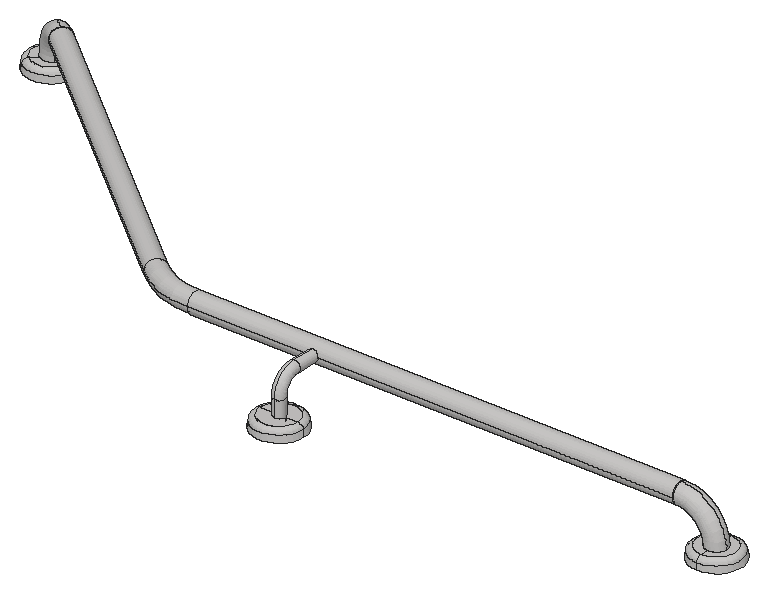
Revit family "8478477440 Virtu Comfort Grab Rail 870x700mm RH 140° Angled", category Plumbing Fixtures, host Face, Revit 2015
Parameters (values of type "Virtu Comfort Grab Rail 870x700mm RH 140° Angled")
  Waste Connection = no
  Vent Connection = no
  URL = "https://www.caroma.com.au/"
  Rail_Height = 73 mm
  Model = "8478477440"
  Material_Base = GWA_Metal-Stainless
  Manufacturer = "GWA Bathrooms & Kitchens"  # constant formula
  HW Connection = no
  Description = "Virtu Comfort Grab Rail 870x700mm RH 140° Angled"
  Default Elevation = 0 mm
  CreatedBy_ANZRS = "GWA Bathrooms & Kitchens"  # constant formula
  CW Connection = no
  Assembly Code = "C1030200"
Reference planes
  plane 1 "Center (Front/Back)": y = 0
  plane 2: z = 0
  plane 3 "Center (Left/Right)": x = 0
  plane 4 "Left": x = 0
  plane 5 "Rail_Centre": z = 73
  plane 6: through (-644.056, 321.45, 1219.2) normal (-0.766, 0.6428, 0)
  plane 7: x = 245
  plane 8: x = 870
Forms (mm)
  Revolve 1, solid, material "GWA_Metal-Stainless" <- "Material_Base"
    sketch origin (-536.231, 449.951, 0) x (0.642788, 0.766044, 0) y (0, 0, 1)
      loop
        line (17, 16.9) -> (29.753, 16.9)
        arc (29.753, 16.9) -> (34.704, 15) -> (37.112, 10.275) r 7.4
        line (37.112, 10.275) -> (38.194, 0) -> (39.3, 0) -> (38.206, 10.39)
        arc (38.206, 10.39) -> (35.44, 15.817) -> (29.753, 18) r 8.5
        line (29.753, 18) -> (17, 18) -> (17, 16.9)
      axis (0, 18) -> (0, 0)
    angle from 0 to 360
  Sweep 2, solid, material "GWA_Metal-Stainless" <- "Material_Base"
    path origin (612.836, -514.23, 0) x (0.766044, -0.642788, 0) y (0, 0, 1)
      loop
        line (-1500, 0) -> (-1500, 17)
        arc (-1500, 17) -> (-1483.598, 56.598) -> (-1444, 73) r 56
    profile origin (-536.231, 449.951, 8.5) x (-0.766044, 0.642788, 0) y (-0.642788, -0.766044, 0)
      loop
        circle (0, 0) r 16
  Revolve 3, solid, material "GWA_Metal-Stainless" <- "Material_Base"
    sketch origin (300, -80, 0) x (1, 0, 0) y (0, 0, 1)
      loop
        line (-55, 16.9) -> (-55, 18) -> (-84.753, 18)
        arc (-84.753, 18) -> (-90.44, 15.817) -> (-93.206, 10.39) r 8.5
        line (-93.206, 10.39) -> (-94.3, 0) -> (-93.194, 0) -> (-92.112, 10.275)
        arc (-92.112, 10.275) -> (-89.704, 15) -> (-84.753, 16.9) r 7.4
        line (-84.753, 16.9) -> (-55, 16.9)
      axis (-55, 18) -> (-55, 0)
    angle from 0 to 360
  Sweep 4, solid, material "GWA_Metal-Stainless" <- "Material_Base"
    path origin (245, 0, 0) x (0, 1, 0) y (0, 0, 1)
      loop
        line (-80, 0) -> (-80, 43)
        arc (-80, 43) -> (-71.213, 64.213) -> (-50, 73) r 30
        line (-50, 73) -> (0, 73)
    profile origin (245, -80, 21.5) x (0, -1, 0) y (1, 0, 0)
      loop
        circle (0, 0) r 9
  Revolve 5, solid, material "GWA_Metal-Stainless" <- "Material_Base"
    sketch origin (870, 60, 0) x (0, 1, 0) y (0, 0, -1)
      loop
        line (-43, -16.9) -> (-43, -18) -> (-30.247, -18)
        arc (-30.247, -18) -> (-24.56, -15.817) -> (-21.794, -10.39) r 8.5
        line (-21.794, -10.39) -> (-20.7, 0) -> (-21.806, 0) -> (-22.888, -10.275)
        arc (-22.888, -10.275) -> (-25.296, -15) -> (-30.247, -16.9) r 7.4
        line (-30.247, -16.9) -> (-43, -16.9)
      axis (-60, -18) -> (-60, 0)
    angle from 0 to 360
  Sweep 6, solid, material "GWA_Metal-Stainless" <- "Material_Base"
    path origin (0, 0, 0) x (-1, 0, 0) y (0, 0, -1)
      loop
        line (-870, 0) -> (-870, -17)
        arc (-870, -17) -> (-853.598, -56.598) -> (-814, -73) r 56
    profile origin (870, 0, 8.5) x (-1, 0, 0) y (0, -1, 0)
      loop
        circle (0, 0) r 16
  Sweep 7, solid, material "GWA_Metal-Stainless" <- "Material_Base"
    path origin (0, 0, 73) x (-1, 0, 0) y (0, -1, 0)
      loop
        line (-814, 0) -> (-49.864, 0)
        arc (-49.864, 0) -> (-3.007, -8.262) -> (38.198, -32.052) r 137
        line (38.198, -32.052) -> (493.333, -413.955)
    profile origin (-265.765, 223.004, 73) x (-0.642788, -0.766044, 0) y (0, 0, 1)
      loop
        circle (0, 0) r 16
Lines and regions (mm)
  Masking region 1
    outline origin (0, 0, 0) x (0, 1, 0) y (0, 0, 1)
      loop
        arc (0, 89) -> (-7.483, 87.142) -> (-13.229, 82) r 16
        line (-13.229, 82) -> (-50, 82)
        arc (-50, 82) -> (-77.577, 70.577) -> (-89, 43) r 39
        line (-89, 43) -> (-89, 18) -> (-109.755, 18)
        arc (-109.755, 18) -> (-115.442, 15.817) -> (-118.208, 10.388) r 8.5
        line (-118.208, 10.388) -> (-119.3, 0) -> (-40.7, 0) -> (-41.792, 10.388)
        arc (-41.792, 10.388) -> (-44.558, 15.817) -> (-50.245, 18) r 8.5
        line (-50.245, 18) -> (-71, 18) -> (-71, 43)
        arc (-71, 43) -> (-64.849, 57.849) -> (-50, 64) r 21
        line (-50, 64) -> (-16, 64) -> (-16, 18) -> (-29.755, 18)
        arc (-29.755, 18) -> (-35.442, 15.817) -> (-38.208, 10.388) r 8.5
        line (-38.208, 10.388) -> (-39.3, 0) -> (39.3, 0) -> (38.208, 10.388)
        arc (38.208, 10.388) -> (35.442, 15.817) -> (29.755, 18) r 8.5
        line (29.755, 18) -> (16, 18) -> (16, 57) -> (413.955, 57)
        arc (413.955, 57) -> (416.689, 56.461) -> (419.18, 55.212) r 10.348
        arc (419.18, 55.212) -> (422.237, 52.684) -> (424.785, 49.643) r 21.791
        arc (424.785, 49.643) -> (427.708, 44.83) -> (430.029, 39.7) r 46.537
        arc (430.029, 39.7) -> (431.356, 35.765) -> (432.376, 31.74) r 53.629
        arc (432.376, 31.74) -> (433.169, 27.367) -> (433.701, 22.956) r 74.565
        arc (433.701, 22.956) -> (433.872, 20.48) -> (433.94, 18) r 59.171
        line (433.94, 18) -> (420.197, 18)
        arc (420.197, 18) -> (414.509, 15.817) -> (411.743, 10.388) r 8.5
        line (411.743, 10.388) -> (410.651, 0) -> (489.251, 0) -> (488.159, 10.388)
        arc (488.159, 10.388) -> (485.394, 15.817) -> (479.706, 18) r 8.5
        line (479.706, 18) -> (465.943, 18)
        arc (465.943, 18) -> (465.446, 27.079) -> (464.152, 36.079) r 103.181
        arc (464.152, 36.079) -> (462.719, 42.395) -> (460.834, 48.592) r 89.675
        arc (460.834, 48.592) -> (457.524, 56.744) -> (453.35, 64.489) r 81.007
        arc (453.35, 64.489) -> (446.806, 73.222) -> (438.741, 80.574) r 57.957
        arc (438.741, 80.574) -> (427.022, 86.77) -> (413.955, 89) r 41.961
        line (413.955, 89) -> (0, 89)
  Masking region 2
    outline origin (0, 0, 73) x (-1, 0, 0) y (0, -1, 0)
      loop
        arc (498.449, -439.135) -> (566.337, -475.213) -> (519.018, -414.621) r 39.3
        line (519.018, -414.621) -> (48.483, -19.795)
        arc (48.483, -19.795) -> (2.465, 6.773) -> (-49.864, 16) r 153
        line (-49.864, 16) -> (-236, 16) -> (-236, 41.744)
        arc (-236, 41.744) -> (-245, 119.3) -> (-254, 41.744) r 39.3
        line (-254, 41.744) -> (-254, 16) -> (-834.104, 16)
        arc (-834.104, 16) -> (-878.179, 38.439) -> (-909.3, 0) r 39.3
        arc (-909.3, 0) -> (-878.179, -38.439) -> (-834.104, -16) r 39.3
        line (-834.104, -16) -> (-49.864, -16)
        arc (-49.864, -16) -> (-8.479, -23.297) -> (27.913, -44.309) r 121
        line (27.913, -44.309) -> (498.449, -439.135)
  Masking region 3
    outline origin (0, 0, 0) x (1, 0, 0) y (0, 0, -1)
      loop
        arc (-493.333, -57) -> (-497.931, -56.365) -> (-502.23, -54.616) r 18.669
        arc (-502.23, -54.616) -> (-506.43, -51.714) -> (-510.017, -48.082) r 27.332
        arc (-510.017, -48.082) -> (-513.189, -43.626) -> (-515.736, -38.787) r 40.818
        arc (-515.736, -38.787) -> (-517.771, -33.399) -> (-519.189, -27.817) r 51.21
        arc (-519.189, -27.817) -> (-519.922, -22.931) -> (-520.231, -18) r 57.078
        line (-520.231, -18) -> (-506.476, -18)
        arc (-506.476, -18) -> (-500.789, -15.817) -> (-498.023, -10.388) r 8.5
        line (-498.023, -10.388) -> (-496.931, 0) -> (-575.531, 0) -> (-574.439, -10.388)
        arc (-574.439, -10.388) -> (-571.673, -15.817) -> (-565.986, -18) r 8.5
        line (-565.986, -18) -> (-552.231, -18)
        arc (-552.231, -18) -> (-552.025, -22.951) -> (-551.562, -27.885) r 95.84
        arc (-551.562, -27.885) -> (-550.202, -35.897) -> (-548.066, -43.737) r 83.133
        arc (-548.066, -43.737) -> (-544.671, -52.414) -> (-540.291, -60.638) r 80.139
        arc (-540.291, -60.638) -> (-533.327, -70.023) -> (-524.78, -77.995) r 64.381
        arc (-524.78, -77.995) -> (-517.271, -82.87) -> (-509.054, -86.422) r 53.411
        arc (-509.054, -86.422) -> (-501.401, -88.33) -> (-493.542, -89) r 49.532
        line (-493.542, -89) -> (814, -89)
        arc (814, -89) -> (864.557, -68.264) -> (885.993, -18) r 72
        line (885.993, -18) -> (899.755, -18)
        arc (899.755, -18) -> (905.442, -15.817) -> (908.208, -10.388) r 8.5
        line (908.208, -10.388) -> (909.3, 0) -> (830.7, 0) -> (831.792, -10.388)
        arc (831.792, -10.388) -> (834.558, -15.817) -> (840.245, -18) r 8.5
        line (840.245, -18) -> (853.987, -18)
        arc (853.987, -18) -> (841.928, -45.636) -> (814, -57) r 40
        line (814, -57) -> (254, -57) -> (254, -18) -> (274.755, -18)
        arc (274.755, -18) -> (280.442, -15.817) -> (283.208, -10.388) r 8.5
        line (283.208, -10.388) -> (284.3, 0) -> (205.7, 0) -> (206.792, -10.388)
        arc (206.792, -10.388) -> (209.558, -15.817) -> (215.245, -18) r 8.5
        line (215.245, -18) -> (236, -18) -> (236, -57) -> (-493.333, -57)
  symbolic lines
    curve 1: line (0, -71, 18) -> (0, -89, 18)
    curve 2: line (0, 35.896, 89) -> (0, 0, 89)
    curve 3: arc (0, 0, 89) -> (0, -16, 73) -> (0, 0, 57) r 16
    curve 4: line (0, 0, 57) -> (0, 35.896, 57)
    curve 5: line (0, -38.256, 82) -> (0, -13.229, 82)
    curve 6: line (0, -38.256, 64) -> (0, -13.229, 64)
    curve 7: line (0, -16, 18) -> (0, 16, 18)
    curve 8: line (254, 0, 57) -> (236, 0, 57)
    curve 9: line (0, 465.943, 18) -> (0, 433.94, 18)
    curve 10: arc (-549.254, 460.879, 40) -> (-534.786, 466.89, 40) -> (-521.546, 458.516, 40) r 17
    curve 11: arc (-542.115, 434.002, 40) -> (-552.661, 445.587, 40) -> (-549.254, 460.879, 40) r 17
    curve 12: arc (-546.516, 437.695, 40) -> (-548.488, 460.236, 40) -> (-525.947, 462.208, 40) r 16
    curve 13: arc (-521.546, 458.516, 40) -> (-549.254, 460.879, 40) -> (-542.115, 434.002, 40) r 17
    curve 14: line (-525.947, 462.208, 40) -> (-498.449, 439.135, 40)
    curve 15: line (-546.516, 437.695, 40) -> (-519.018, 414.621, 40)
    curve 16: line (-546.516, 437.695, 73) -> (-519.018, 414.621, 73)
    curve 17: line (-525.947, 462.208, 73) -> (-498.449, 439.135, 73)
    curve 18: line (236, -41.744, 73) -> (236, -80, 73)
    curve 19: arc (236, -80, 73) -> (245, -89, 73) -> (254, -80, 73) r 9
    curve 20: line (254, -80, 73) -> (254, -41.744, 73)
    curve 21: line (236, -16, 73) -> (254, -16, 73)
    curve 22: arc (887, 0, 40) -> (879.781, 13.904, 40) -> (864.255, 16, 40) r 17
    curve 23: arc (864.255, -16, 40) -> (879.781, -13.904, 40) -> (887, 0, 40) r 17
    curve 24: arc (870, -16, 40) -> (886, 0, 40) -> (870, 16, 40) r 16
    curve 25: arc (864.255, 16, 40) -> (887, 0, 40) -> (864.255, -16, 40) r 17
    curve 26: line (834.104, 16, 73) -> (870, 16, 73)
    curve 27: line (834.104, -16, 73) -> (870, -16, 73)
    curve 28: line (228.987, 0, 18) -> (260.993, 0, 18)
    curve 29: line (254, 0, 57) -> (236, 0, 57)
    curve 30: line (853.987, 0, 18) -> (885.993, 0, 18)
    curve 31: line (-520.231, 0, 18) -> (-552.231, 0, 18)
Dimensions and locks
  "Rail_Height": plane 5 "Rail_Centre" to host face
  aligned and locked: plane 2 to host face
  aligned and locked: level to host face
Automatic sketch dimensions
  curve 4 to plane 1 "Center (Front/Back)" = 0 mm
  curve 3 to plane 5 "Rail_Centre" = 0 mm
  curve 4 to plane 5 "Rail_Centre" = 16 mm
  plane 5 "Rail_Centre" to curve 5 = 9 mm
  curve 6 to plane 5 "Rail_Centre" = 9 mm
  plane 1 "Center (Front/Back)" to curve 7 = 16 mm
  curve 6 to curve 6 = 25.027 mm
  curve 5 to curve 6 = 0 mm
  level to curve 1 = 18 mm
  curve 1 to curve 7 = 55 mm
  curve 1 to curve 1 = 18 mm
  curve 7 to plane 1 "Center (Front/Back)" = 16 mm
  curve 3 to curve 2 = 35.896 mm
  curve 4 to curve 2 = 0 mm
  level to curve 9 = 18 mm
  curve 4 to curve 9 = 398.044 mm
  curve 9 to curve 9 = 32.004 mm
  level to curve 7 = 18 mm
  host sketch curve to host sketch curve = 2438.4 mm  (x2)
  curve 10 to curve 11 = 0 mm  (x2)
  curve 10 to curve 12 = 0 mm  (x2)
  curve 10 to curve 13 = 0 mm  (x3)
  curve 11 to curve 12 = 0 mm  (x2)
  curve 11 to curve 13 = 0 mm  (x2)
  curve 12 to curve 13 = 0 mm  (x2)
  curve 22 to curve 23 = 0 mm  (x2)
  curve 22 to curve 24 = 0 mm  (x3)
  curve 22 to curve 25 = 0 mm  (x3)
  curve 23 to curve 24 = 0 mm  (x2)
  curve 23 to curve 25 = 0 mm  (x2)
  curve 24 to curve 25 = 0 mm  (x2)
  plane 1 "Center (Front/Back)" to curve 22 = 0 mm
  curve 23 to plane 8 = 0 mm
  curve 14 to plane 6 = 0 mm
  curve 12 to plane 6 = 0 mm
  curve 15 to plane 6 = 0 mm
  curve 14 to plane 1 "Center (Front/Back)" = 462.208 mm
  curve 12 to curve 12 = 10.285 mm
  plane 8 to curve 23 = 17 mm
  curve 24 to curve 23 = 5.745 mm
  curve 24 to curve 25 = 5.745 mm
  curve 25 to curve 23 = 0 mm
  curve 14 to curve 14 = 27.498 mm
  curve 14 to curve 15 = 20.569 mm
  curve 13 to curve 14 = 4.401 mm
  curve 11 to curve 12 = 4.401 mm
  curve 10 to curve 10 = 13.023 mm
  curve 10 to curve 10 = 10.927 mm
  curve 25 to curve 22 = 0 mm
  curve 26 to plane 8 = 0 mm
  curve 27 to plane 8 = 0 mm
  curve 19 to plane 7 = 0 mm
  curve 17 to plane 6 = 0 mm
  curve 16 to plane 6 = 0 mm
  plane 7 to curve 20 = 9 mm
  plane 1 "Center (Front/Back)" to curve 19 = 80 mm
  curve 26 to plane 1 "Center (Front/Back)" = 16 mm
  curve 26 to curve 26 = 35.896 mm
  plane 1 "Center (Front/Back)" to curve 27 = 16 mm
  curve 27 to curve 26 = 0 mm
  plane 7 to curve 21 = 9 mm
  curve 21 to plane 7 = 9 mm
  curve 17 to plane 3 "Center (Left/Right)" = 498.449 mm
  curve 17 to curve 16 = 20.569 mm
  curve 17 to plane 1 "Center (Front/Back)" = 462.208 mm
  curve 16 to plane 1 "Center (Front/Back)" = 437.695 mm
  curve 20 to curve 19 = 38.256 mm
  curve 18 to curve 20 = 0 mm
  plane 1 "Center (Front/Back)" to curve 21 = 16 mm
  curve 16 to curve 16 = 23.073 mm
  curve 17 to curve 16 = 24.513 mm
  Masking region 1 sketch curve to Masking region 1 sketch curve = 0 mm  (x9)
  Masking region 1 sketch curve to level = 0 mm  (x3)
  Masking region 1 sketch curve to plane 1 "Center (Front/Back)" = 0 mm
  Masking region 1 sketch curve to plane 5 "Rail_Centre" = 0 mm
  plane 1 "Center (Front/Back)" to Masking region 1 sketch curve = 13.229 mm
  plane 1 "Center (Front/Back)" to Masking region 1 sketch curve = 16 mm
  level to Masking region 1 sketch curve = 9.5 mm  (x2)
  Masking region 1 sketch curve to Masking region 1 sketch curve = 13.755 mm  (x2)
  level to Masking region 1 sketch curve = 10.388 mm  (x6)
  Masking region 1 sketch curve to Masking region 1 sketch curve = 8.453 mm  (x6)
  Masking region 1 sketch curve to Masking region 1 sketch curve = 1.092 mm  (x5)
  Masking region 1 sketch curve to Masking region 1 sketch curve = 1.4 mm
  Masking region 1 sketch curve to Masking region 1 sketch curve = 3.584 mm
  Masking region 1 sketch curve to Masking region 1 sketch curve = 20.245 mm
  Masking region 1 sketch curve to Masking region 1 sketch curve = 20.755 mm  (x2)
  Masking region 1 sketch curve to Masking region 1 sketch curve = 18 mm
  Masking region 1 sketch curve to plane 1 "Center (Front/Back)" = 16 mm
  level to Masking region 1 sketch curve = 16.247 mm
  Masking region 1 sketch curve to Masking region 1 sketch curve = 320.138 mm
  Masking region 1 sketch curve to Masking region 1 sketch curve = 3.33 mm
  Masking region 1 sketch curve to Masking region 1 sketch curve = 12.002 mm
  Masking region 1 sketch curve to Masking region 1 sketch curve = 1.268 mm
  Masking region 1 sketch curve to Masking region 1 sketch curve = 3.878 mm
  Masking region 1 sketch curve to Masking region 1 sketch curve = 4.318 mm
  Masking region 1 sketch curve to Masking region 1 sketch curve = 2.309 mm
  Masking region 1 sketch curve to Masking region 1 sketch curve = 17.357 mm
  Masking region 1 sketch curve to Masking region 1 sketch curve = 2.977 mm
  Masking region 1 sketch curve to Masking region 1 sketch curve = 24.107 mm
  Masking region 1 sketch curve to Masking region 1 sketch curve = 6.46 mm
  Masking region 1 sketch curve to Masking region 1 sketch curve = 0.178 mm
  Masking region 1 sketch curve to Masking region 1 sketch curve = 0.438 mm  (x2)
  Masking region 1 sketch curve to Masking region 1 sketch curve = 13.743 mm
  Masking region 1 sketch curve to Masking region 1 sketch curve = 32.004 mm
  Masking region 1 sketch curve to Masking region 1 sketch curve = 13.763 mm
  Masking region 1 sketch curve to Masking region 1 sketch curve = 0.888 mm  (x5)
  Masking region 1 sketch curve to Masking region 1 sketch curve = 0.658 mm
  Masking region 1 sketch curve to Masking region 1 sketch curve = 0.727 mm
  Masking region 1 sketch curve to Masking region 1 sketch curve = 1.783 mm
  Masking region 1 sketch curve to Masking region 1 sketch curve = 1.182 mm
  Masking region 1 sketch curve to Masking region 1 sketch curve = 1.638 mm
  Masking region 1 sketch curve to Masking region 1 sketch curve = 11.135 mm
  Masking region 1 sketch curve to Masking region 1 sketch curve = 2.966 mm
  Masking region 1 sketch curve to Masking region 1 sketch curve = 25 mm
  Masking region 1 sketch curve to Masking region 1 sketch curve = 9.446 mm
  Masking region 1 sketch curve to Masking region 1 sketch curve = 0.371 mm
  Masking region 1 sketch curve to plane 5 "Rail_Centre" = 16 mm
  Revolve 1 sketch curve to Revolve 1 sketch curve = 0 mm  (x2)
  Revolve 1 sketch curve to level = 0 mm
  level to Revolve 1 sketch curve = 18 mm
  Revolve 1 sketch curve to Revolve 1 sketch curve = 12.753 mm
  level to Revolve 1 sketch curve = 10.275 mm
  Revolve 1 sketch curve to Revolve 1 sketch curve = 7.359 mm
  Revolve 1 sketch curve to Revolve 1 sketch curve = 1.082 mm
  level to Revolve 1 sketch curve = 10.39 mm
  Revolve 1 sketch curve to Revolve 1 sketch curve = 1.094 mm
  Revolve 1 sketch curve to Revolve 1 sketch curve = 1.106 mm
  level to Revolve 1 sketch curve = 7.862 mm
  Revolve 1 sketch curve to Revolve 1 sketch curve = 17 mm
  Revolve 1 sketch curve to Revolve 1 sketch curve = 12.173 mm
  Sweep 2 sketch curve to plane 6 = 0 mm
  Sweep 2 sketch curve to plane 5 "Rail_Centre" = 0 mm
  Sweep 2 sketch curve to level = 0 mm
  level to Sweep 2 sketch curve = 17 mm
  profile plane to Sweep 2 sketch curve = 0 mm  (x2)
  Revolve 3 sketch curve to Revolve 3 sketch curve = 0 mm  (x2)
  Revolve 3 sketch curve to level = 0 mm
  Revolve 3 sketch curve to plane 7 = 0 mm  (x2)
  level to Revolve 3 sketch curve = 9.5 mm
  Revolve 3 sketch curve to plane 7 = 29.753 mm
  level to Revolve 3 sketch curve = 10.275 mm
  Revolve 3 sketch curve to Revolve 3 sketch curve = 7.359 mm
  Revolve 3 sketch curve to Revolve 3 sketch curve = 1.082 mm
  level to Revolve 3 sketch curve = 10.39 mm
  Revolve 3 sketch curve to Revolve 3 sketch curve = 1.094 mm
  Revolve 3 sketch curve to Revolve 3 sketch curve = 1.106 mm
  level to Revolve 3 sketch curve = 7.862 mm
  Revolve 3 sketch curve to Revolve 3 sketch curve = 2.036 mm
  Sweep 4 sketch curve to level = 0 mm
  Sweep 4 sketch curve to plane 5 "Rail_Centre" = 0 mm
  Sweep 4 sketch curve to plane 1 "Center (Front/Back)" = 0 mm
  plane 1 "Center (Front/Back)" to Sweep 4 sketch curve = 50 mm
  Sweep 4 sketch curve to Sweep 4 sketch curve = 30 mm
  Sweep 4 sketch curve to plane 7 = 0 mm
  Sweep 4 sketch curve to profile plane = 0 mm
  Revolve 5 sketch curve to Revolve 5 sketch curve = 0 mm  (x2)
  Revolve 5 sketch curve to plane 1 "Center (Front/Back)" = 0 mm
  Revolve 5 sketch curve to level = 0 mm
  Revolve 5 sketch curve to plane 1 "Center (Front/Back)" = 17 mm
  Revolve 5 sketch curve to Revolve 5 sketch curve = 12.753 mm
  level to Revolve 5 sketch curve = 10.275 mm
  Revolve 5 sketch curve to Revolve 5 sketch curve = 7.359 mm
  Revolve 5 sketch curve to Revolve 5 sketch curve = 1.082 mm
  level to Revolve 5 sketch curve = 10.39 mm
  Revolve 5 sketch curve to Revolve 5 sketch curve = 1.094 mm
  Revolve 5 sketch curve to Revolve 5 sketch curve = 1.106 mm
  level to Revolve 5 sketch curve = 16.9 mm
  Revolve 5 sketch curve to Revolve 5 sketch curve = 2.036 mm
  level to Revolve 5 sketch curve = 7.862 mm
  Sweep 6 sketch curve to plane 8 = 0 mm
  Sweep 6 sketch curve to plane 5 "Rail_Centre" = 0 mm
  Sweep 6 sketch curve to level = 0 mm
  level to Sweep 6 sketch curve = 17 mm
  Sweep 6 sketch curve to profile plane = 0 mm
  profile plane to Sweep 6 sketch curve = 0 mm
  Masking region 2 sketch curve to Masking region 2 sketch curve = 0 mm  (x4)
  plane 1 "Center (Front/Back)" to Masking region 2 sketch curve = 0 mm
  Masking region 2 sketch curve to plane 8 = 0 mm
  Masking region 2 sketch curve to plane 7 = 0 mm
  Masking region 2 sketch curve to plane 6 = 0 mm
  Masking region 2 sketch curve to plane 1 "Center (Front/Back)" = 16 mm
  Masking region 2 sketch curve to plane 8 = 35.896 mm
  plane 1 "Center (Front/Back)" to Masking region 2 sketch curve = 16 mm
  plane 7 to Masking region 2 sketch curve = 9 mm
  Masking region 2 sketch curve to plane 7 = 9 mm
  plane 3 "Center (Left/Right)" to Masking region 2 sketch curve = 49.864 mm
  Masking region 2 sketch curve to plane 3 "Center (Left/Right)" = 27.913 mm
  Masking region 2 sketch curve to plane 1 "Center (Front/Back)" = 19.795 mm
  Masking region 2 sketch curve to Masking region 2 sketch curve = 20.569 mm  (x2)
  Masking region 2 sketch curve to plane 3 "Center (Left/Right)" = 498.449 mm
  Masking region 2 sketch curve to Masking region 2 sketch curve = 37.782 mm
  Masking region 2 sketch curve to Masking region 2 sketch curve = 10.816 mm
  Masking region 2 sketch curve to Masking region 2 sketch curve = 121 mm
  Masking region 2 sketch curve to Masking region 2 sketch curve = 25.744 mm
  Masking region 2 sketch curve to Masking region 2 sketch curve = 38.256 mm
  plane 1 "Center (Front/Back)" to Sweep 7 sketch curve = 0 mm
  plane 3 "Center (Left/Right)" to Sweep 7 sketch curve = 49.864 mm
  Sweep 7 sketch curve to plane 1 "Center (Front/Back)" = 32.052 mm
  Sweep 7 sketch curve to plane 3 "Center (Left/Right)" = 38.198 mm
  Sweep 7 sketch curve to plane 8 = 56 mm
  Sweep 7 sketch curve to plane 3 "Center (Left/Right)" = 493.333 mm
  Sweep 7 sketch curve to plane 1 "Center (Front/Back)" = 413.955 mm
  Sweep 7 sketch curve to profile plane = 0 mm
  profile plane to Sweep 7 sketch curve = 0 mm
  Masking region 3 sketch curve to Masking region 3 sketch curve = 0 mm  (x9)
  Masking region 3 sketch curve to level = 0 mm  (x3)
  Masking region 3 sketch curve to plane 3 "Center (Left/Right)" = 575.531 mm
  level to Masking region 3 sketch curve = 10.388 mm  (x6)
  Masking region 3 sketch curve to Masking region 3 sketch curve = 1.092 mm  (x6)
  Masking region 3 sketch curve to Masking region 3 sketch curve = 8.453 mm  (x6)
  Masking region 3 sketch curve to Masking region 3 sketch curve = 13.755 mm  (x2)
  level to Masking region 3 sketch curve = 18 mm  (x3)
  Masking region 3 sketch curve to Masking region 3 sketch curve = 32 mm
  plane 5 "Rail_Centre" to Masking region 3 sketch curve = 16 mm
  Masking region 3 sketch curve to Masking region 3 sketch curve = 12.934 mm
  Masking region 3 sketch curve to plane 5 "Rail_Centre" = 16 mm  (x2)
  Masking region 3 sketch curve to Masking region 3 sketch curve = 0.21 mm
  Masking region 3 sketch curve to Masking region 3 sketch curve = 0.053 mm
  Masking region 3 sketch curve to Masking region 3 sketch curve = 0.181 mm
  Masking region 3 sketch curve to Masking region 3 sketch curve = 1.054 mm
  Masking region 3 sketch curve to Masking region 3 sketch curve = 3.183 mm
  Masking region 3 sketch curve to Masking region 3 sketch curve = 3.541 mm
  Masking region 3 sketch curve to Masking region 3 sketch curve = 6.898 mm
  Masking region 3 sketch curve to Masking region 3 sketch curve = 6.556 mm
  Masking region 3 sketch curve to Masking region 3 sketch curve = 2.847 mm
  Masking region 3 sketch curve to Masking region 3 sketch curve = 0.096 mm
  Masking region 3 sketch curve to Masking region 3 sketch curve = 5.76 mm
  Masking region 3 sketch curve to Masking region 3 sketch curve = 6.76 mm
  Masking region 3 sketch curve to plane 7 = 39.3 mm
  Masking region 3 sketch curve to plane 7 = 9 mm
  plane 7 to Masking region 3 sketch curve = 9 mm
  level to Masking region 3 sketch curve = 9.5 mm
  Masking region 3 sketch curve to Masking region 3 sketch curve = 20.755 mm
  Masking region 3 sketch curve to plane 8 = 56 mm
  Masking region 3 sketch curve to Masking region 3 sketch curve = 16.7 mm
  Masking region 3 sketch curve to Masking region 3 sketch curve = 13.742 mm
  plane 8 to Masking region 3 sketch curve = 15.993 mm
  Masking region 3 sketch curve to Masking region 3 sketch curve = 13.762 mm
  Masking region 3 sketch curve to Masking region 3 sketch curve = 17.532 mm
  Masking region 3 sketch curve to Masking region 3 sketch curve = 1.136 mm
  Masking region 3 sketch curve to Masking region 3 sketch curve = 2.541 mm
  Masking region 3 sketch curve to Masking region 3 sketch curve = 5.015 mm
  Masking region 3 sketch curve to Masking region 3 sketch curve = 3.653 mm
  Masking region 3 sketch curve to Masking region 3 sketch curve = 4.885 mm
  Masking region 3 sketch curve to Masking region 3 sketch curve = 3.317 mm
  Masking region 3 sketch curve to Masking region 3 sketch curve = 0.896 mm
  Masking region 3 sketch curve to Masking region 3 sketch curve = 7.612 mm
  Masking region 3 sketch curve to Masking region 3 sketch curve = 0.032 mm
  Masking region 3 sketch curve to Masking region 3 sketch curve = 1.122 mm
  Masking region 3 sketch curve to Masking region 3 sketch curve = 0.421 mm
  level to curve 31 = 18 mm
  curve 31 to plane 3 "Center (Left/Right)" = 552.231 mm
  curve 31 to curve 31 = 32 mm
  curve 28 to plane 7 = 16.013 mm
  curve 8 to plane 7 = 9 mm
  curve 29 to curve 8 = 0 mm  (x3)
  plane 7 to curve 8 = 9 mm
  plane 7 to curve 28 = 15.993 mm
  curve 30 to plane 8 = 16.013 mm
  plane 8 to curve 30 = 15.993 mm
  level to curve 30 = 18 mm
  level to curve 28 = 18 mm
  curve 8 to plane 5 "Rail_Centre" = 16 mm
  radius of Sweep 2 sketch curve = 16 mm
  radius of Sweep 4 sketch curve = 9 mm
  radius of Sweep 6 sketch curve = 16 mm
  radius of Sweep 7 sketch curve = 16 mm
